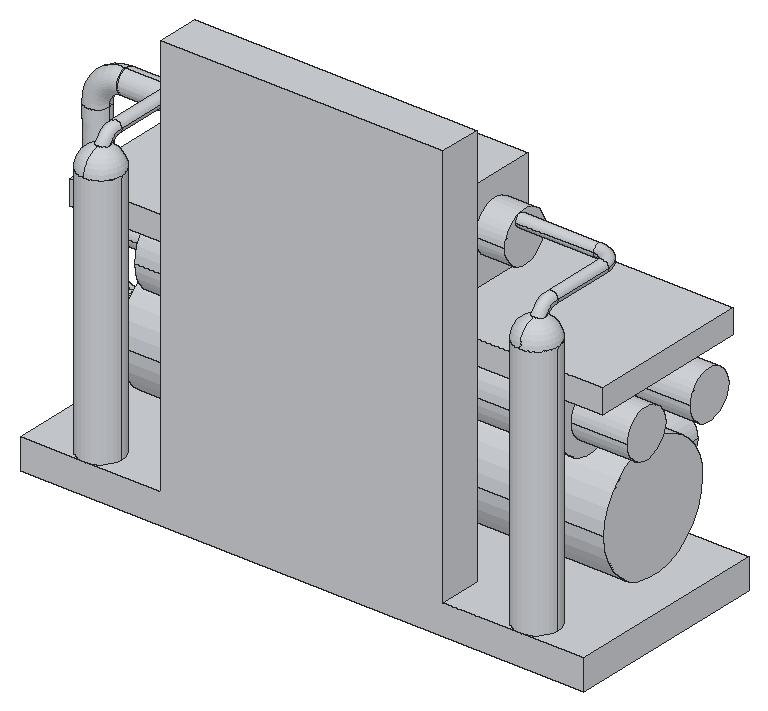
Revit family "M_Resfriador de líquido giratório - Resfriado a água - Sem condensador - 246-440 kW", category Equipamento mecânico, Revit 2019
Family settings
  Cota do conector redondo = Usar raio
  Tipo de parte = Normal
  Número OmniClass = 23.75.10.24.21.21.21
  Título OmniClass = Rotary-Screw Water Chillers
  ID de item do Seek = Rotary Liquid Chiller - Water Cooled - Condenserless - 246-440 kW-0000-CAN-ENU
  Com base no plano de trabalho = Não
  Sempre na vertical = Sim
  Corte com vazios quando carregada = Não
  Compartilhado = Não
  Ponto de cálculo do ambiente = Não
Parameters (values of type "246 kW")
  Voltagem = 480 V
  Visibilidade 1 = no
  Número de pólos = 3
  Classificação de carga = Refrigeração
  Raio do retorno de água resfriada = Diâmetro do retorno de água resfriada / 2  # 100 mm
  Diâmetro do retorno de água resfriada = 200 mm
  Capacidade de refrigeração [instance] = 246179.7 W
  Raio do fornecimento de água resfriada = 100 mm
  Raio do retorno de água resfriada = Diâmetro do retorno de água resfriada / 2  # 100 mm
  Diâmetro do retorno de água resfriada = 200 mm
  Queda de pressão da água resfriada [instance] = 4978.01 Pa
  Diâmetro do fornecimento de água resfriada = Raio do fornecimento de água resfriada * 2  # 200 mm
  Fluxo da água resfriada [instance] = 10.6 L/s
  Raio do fornecimento de água resfriada = 100 mm
  Queda de pressão da água da refrigeração [instance] = 6219.07 Pa
  Diâmetro do fornecimento de água resfriada = Raio do fornecimento de água resfriada * 2  # 200 mm
  Fluxo da água da refrigeração [instance] = 21.26 L/s
  Material do resfriador = none
  Comprimento do resfriador = 2032 mm
  Carga aparente = 80500 VA
Types (7, lengths in mm): name | Visibilidade 1 | Capacidade de refrigeração | Raio do fornecimento de água resfriada | Raio do retorno de água resfriada | Diâmetro do retorno de água resfriada | Queda de pressão da água resfriada | Diâmetro do fornecimento de água resfriada | Fluxo da água resfriada | Fluxo da água da refrigeração | Comprimento do resfriador | Carga aparente
  (no name) | no | 246179.7 W | 100 | 100 | 200 | 4978.01 Pa | 200 | 10.6 L/s | 21.26 L/s | 2032 | 80500 VA
  246 kW | no | 246179.7 W | 100 | 100 | 200 | 4978.01 Pa | 200 | 10.6 L/s | 21.26 L/s | 2032 | 80500 VA
  387 kW | yes | 386853.8 W | 150 | 150 | 300 | 3730.06 Pa | 300 | 16.66 L/s | 33.44 L/s | 2794 | 154100 VA
  281 kW | no | 281348.2 W | 100 | 100 | 200 | 4233.38 Pa | 200 | 12.11 L/s | 24.23 L/s | 2032 | 80500 VA
  316 kW | no | 316516.8 W | 100 | 100 | 200 | 4729.8 Pa | 200 | 13.63 L/s | 27.25 L/s | 2032 | 80500 VA
  352 kW | no | 351685.3 W | 100 | 100 | 200 | 4233.38 Pa | 200 | 15.14 L/s | 30.28 L/s | 2032 | 80500 VA
  440 kW | yes | 439606.6 W | 150 | 150 | 300 | 4481.59 Pa | 300 | 18.93 L/s | 37.85 L/s | 2794 | 154100 VA
Reference planes
  plane 1 "Centro (Frente/Trás)": y = 0
  plane 2: z = 0
  plane 3 "Centro (Esquerda/Direita)": x = 0
  plane 4: y = 863.6
  plane 5: x = -2362.2
  plane 6: x = -1181.1
  plane 7: z = 127
  plane 8: y = 571.5
  plane 9: z = 384.175
  plane 10: x = -2197.1
  plane 11: x = -165.1
  plane 12: y = 396.875
  plane 13: y = 727.075
  plane 14: z = 777.875
  plane 15: x = -292.1
  plane 16: x = -2070.1
  plane 17: z = 939.8
  plane 18: z = 1041.4
  plane 19: y = 177.8
  plane 20: x = -63.5
  plane 21: x = -2298.7
  plane 22: x = -590.55
  plane 23: x = -1771.65
  plane 24: z = 1822.45
  plane 25: x = -53.975
  plane 26: y = 533.4
  plane 27: z = 1431.925
  plane 28: y = 358.775
  plane 29: y = 708.025
  plane 30: x = -800.1
  plane 31: x = -1562.1
  plane 32: z = 1238.25
  plane 33: x = -673.1
  plane 34: x = -1689.1
  plane 35: z = 479.425
  plane 36: x = -330.2
  plane 37: x = -2032
  plane 38: y = 885.825
  plane 39: x = -2095.5
  plane 40: x = -266.7
  plane 41: y = 88.9
  plane 42: z = 1193.8
  plane 43: z = 1282.7
  plane 44: y = 228.6
  plane 45: y = 444.5
  plane 46: y = 355.6
  plane 47: x = 57.15
  plane 48: x = -69.85
  plane 49: y = 434.975
  plane 50: x = -2362.2
  plane 51: y = 331.787
  plane 52: x = -2259.012
  plane 53: x = -2336.8
  plane 54: x = -2209.8
  plane 55: y = 600.075
  plane 56: y = 523.875
  plane 57: through (0, 571.5, 384.175) normal (0, 0.999, 0.0446)
  plane 58: x = -2470.15
  plane 59: x = -2343.15
  plane 60: z = 1111.25
  plane 61: z = 511.175
  plane 62: z = 1314.45
  plane 63: y = 165.1
  plane 64: z = 1238.25
  plane 65: y = 514.35
  plane 66: x = -2019.3
  plane 67: y = 438.15
  plane 68: y = 508
  plane 69: x = -342.9
  plane 70: y = 431.8
  plane 71: z = 279.4
  plane 72: x = -2520.95
  plane 73: x = 107.95
Forms (mm)
  Extrusion 1, solid, material <- "Material do resfriador"
    sketch origin (0, 0, 0) x (1, 0, 0) y (0, 1, 0)
      loop
        line (-2362.2, 863.6) -> (-2362.2, 0) -> (0, 0) -> (0, 863.6) -> (-2362.2, 863.6)
    from 0 to 127
  Extrusion 2, solid, material <- "Material do resfriador"
    sketch origin (0, 0, 0) x (0, 1, 0) y (0, 0, 1)
      loop
        circle (571.5, 384.175) r 257.175
    from -2197.1 to -165.1
  Extrusion 3, solid, material <- "Material do resfriador"
    sketch origin (0, 0, 0) x (0, 1, 0) y (0, 0, 1)
      loop
        circle (396.875, 777.875) r 161.925
      loop
        circle (727.075, 777.875) r 161.925
    from -2070.1 to -292.1
  Extrusion 4, solid, material <- "Material do resfriador"
    sketch origin (0, 0, 0) x (0, 1, 0) y (0, 0, 1)
      loop
        line (177.8, 1041.4) -> (177.8, 939.8) -> (863.6, 939.8) -> (863.6, 1041.4) -> (177.8, 1041.4)
    from -63.5 to -2298.7
  Extrusion 5, solid, material <- "Material do resfriador"
    sketch origin (0, 0, 0) x (0, 1, 0) y (0, 0, 1)
      loop
        line (0, 1822.45) -> (0, 127) -> (177.8, 127) -> (177.8, 1822.45) -> (0, 1822.45)
    from -1771.65 to -590.55
  Extrusion 6, solid, material <- "Material do resfriador"
    sketch origin (0, 0, 0) x (0, 1, 0) y (0, 0, 1)
      loop
        circle (396.875, 777.875) r 100
      loop
        circle (727.075, 777.875) r 100
    from -292.1 to -53.975
  Extrusion 7, solid, material <- "Material do resfriador"
    sketch origin (0, 0, 0) x (0, 1, 0) y (0, 0, 1)
      loop
        line (358.775, 1431.925) -> (358.775, 1041.4) -> (708.025, 1041.4) -> (708.025, 1431.925) -> (358.775, 1431.925)
    from -1562.1 to -800.1
  Extrusion 8, solid, material <- "Material do resfriador"
    sketch origin (0, 0, 0) x (0, 1, 0) y (0, 0, 1)
      loop
        circle (533.4, 1238.25) r 104.775
    from -800.1 to -673.1
  Extrusion 9, solid, material <- "Material do resfriador"
    sketch origin (0, 0, 0) x (0, 1, 0) y (0, 0, 1)
      loop
        circle (533.4, 1238.25) r 104.775
    from -1689.1 to -1562.1
  Extrusion 10, solid, material <- "Material do resfriador"
    sketch origin (0, 0, 0) x (1, 0, 0) y (0, 0, 1)
      loop
        circle (-330.2, 479.425) r 100
      loop
        circle (-2032, 479.425) r 100
    from -571.5 to -885.825
  Extrusion 11, solid, material <- "Material do resfriador"
    sketch origin (0, 0, 0) x (1, 0, 0) y (0, 1, 0)
      loop
        circle (-2095.5, 88.9) r 88.9
      loop
        circle (-266.7, 88.9) r 88.9
    from 127 to 1193.8
  Revolve 12, solid, material <- "Material do resfriador"
    sketch origin (-266.7, 235.353, 1219.2) x (0, 1, 0) y (0, 0, 1)
      loop
        line (-146.453, -25.4) -> (-57.553, -25.4)
        arc (-57.553, -25.4) -> (-83.591, 37.462) -> (-146.453, 63.5) r 88.9
        line (-146.453, 63.5) -> (-146.453, -25.4)
      axis (-146.453, 63.5) -> (-146.453, -25.4)
    angle from 0 to 360
  Revolve 13, solid, material <- "Material do resfriador"
    sketch origin (-2095.5, 235.353, 1219.2) x (0, 1, 0) y (0, 0, 1)
      loop
        line (-146.453, 63.5) -> (-146.453, -25.4) -> (-57.553, -25.4)
        arc (-57.553, -25.4) -> (-83.591, 37.462) -> (-146.453, 63.5) r 88.9
      axis (-146.453, 63.5) -> (-146.453, -25.4)
    angle from 0 to 360
  Sweep 14, solid, material <- "Material do resfriador", visible <- "Visibilidade 1"
    path in 3D
      loop
        line (-165.1, 571.5, 384.175) -> (-69.85, 571.5, 384.175)
        arc (-69.85, 571.5, 384.175) -> (19.953, 534.303, 384.175) -> (57.15, 444.5, 384.175) r 127
        line (57.15, 444.5, 384.175) -> (57.15, 355.6, 384.175)
        arc (57.15, 355.6, 384.175) -> (19.953, 265.797, 384.175) -> (-69.85, 228.6, 384.175) r 127
        line (-69.85, 228.6, 384.175) -> (-2259.013, 228.6, 384.175)
        arc (-2259.013, 228.6, 384.175) -> (-2362.2, 331.787, 384.175) -> (-2259.013, 434.975, 384.175) r 103.187
        line (-2259.013, 434.975, 384.175) -> (-2197.1, 434.975, 384.175)
    profile origin (-117.475, 571.5, 384.175) x (0, 1, 0) y (0, 0, 1)
      loop
        circle (0, 0) r 50.8
  Sweep 15, solid, material <- "Material do resfriador"
    path in 3D
      loop
        line (-2070.1, 727.075, 777.875) -> (-2209.8, 727.075, 777.875)
        arc (-2209.8, 727.075, 777.875) -> (-2299.603, 689.878, 777.875) -> (-2336.8, 600.075, 777.875) r 127
        line (-2336.8, 600.075, 777.875) -> (-2336.8, 523.875, 777.875)
        arc (-2336.8, 523.875, 777.875) -> (-2299.603, 434.072, 777.875) -> (-2209.8, 396.875, 777.875) r 127
        line (-2209.8, 396.875, 777.875) -> (-2070.1, 396.875, 777.875)
    profile origin (-2139.95, 396.875, 777.875) x (0, 1, 0) y (0, 0, 1)
      loop
        circle (0, 0) r 50.8
  Sweep 16, solid, material <- "Material do resfriador"
    path in 3D
      loop
        line (-2197.1, 571.49, 384.402) -> (-2343.15, 571.49, 384.402)
        arc (-2343.15, 571.49, 384.402) -> (-2432.882, 569.833, 421.533) -> (-2470.05, 565.835, 511.175) r 126.9
    profile origin (-2270.125, 571.49, 384.402) x (0, -0.044565, 0.999006) y (0, 0.999006, 0.044565)
      loop
        circle (-0.227, 0) r 50.8
  Sweep 17, solid, material <- "Material do resfriador"
    path in 3D
      loop
        line (-1689.1, 533.375, 1238.811) -> (-2343.15, 533.375, 1238.811)
    profile origin (-2016.125, 533.375, 1238.811) x (0, -0.044565, 0.999006) y (0, 0.999006, 0.044565)
      loop
        circle (-0.562, 0) r 50.8
  Sweep 18, solid, material <- "Material do resfriador"
    path in 3D
      loop
        line (-1689.1, 514.35, 1314.45) -> (-2019.3, 514.35, 1314.45)
        arc (-2019.3, 514.35, 1314.45) -> (-2073.182, 492.032, 1314.45) -> (-2095.5, 438.15, 1314.45) r 76.2
        line (-2095.5, 438.15, 1314.45) -> (-2095.5, 165.1, 1314.45)
        arc (-2095.5, 165.1, 1314.45) -> (-2095.5, 111.218, 1292.132) -> (-2095.5, 88.9, 1238.25) r 76.2
    profile origin (-1854.2, 514.35, 1314.45) x (0, -1, 0) y (0, 0, 1)
      loop
        circle (0, 0) r 25.4
  Sweep 19, solid, material <- "Material do resfriador"
    path in 3D
      loop
        line (-673.1, 508, 1314.45) -> (-342.9, 508, 1314.45)
        arc (-342.9, 508, 1314.45) -> (-289.018, 485.682, 1314.45) -> (-266.7, 431.8, 1314.45) r 76.2
        line (-266.7, 431.8, 1314.45) -> (-266.7, 165.1, 1314.45)
        arc (-266.7, 165.1, 1314.45) -> (-266.7, 111.218, 1292.132) -> (-266.7, 88.9, 1238.25) r 76.2
    profile origin (-508, 508, 1314.45) x (0, 1, 0) y (0, 0, 1)
      loop
        circle (0, 0) r 25.4
  Extrusion 20, solid, material <- "Material do resfriador"
    sketch origin (0, 0, 0) x (1, 0, 0) y (0, 0, 1)
      loop
        circle (-1181.1, 279.4) r 31.75
    from 0 to -177.8
  Sweep 21, solid, material <- "Material do resfriador"
    path in 3D
      loop
        line (-2470.15, 565.826, 511.36) -> (-2470.15, 539.065, 1111.25)
        arc (-2470.15, 539.065, 1111.25) -> (-2432.953, 535.063, 1200.964) -> (-2343.15, 533.406, 1238.124) r 127
    profile origin (-2470.15, 552.446, 811.305) x (1, 0, 0) y (0, 0.999006, 0.044565)
      loop
        circle (0, 0) r 50.8
Cuts and joins
  joined: Extrusion 1, Extrusion 2, Extrusion 3, Extrusion 4, Extrusion 5, Extrusion 6, Extrusion 7, Extrusion 8, Extrusion 9, Extrusion 10, Extrusion 11, Revolve 12, Revolve 13, Sweep 15, Sweep 16, Sweep 17, Sweep 18, Sweep 19, Extrusion 20
Lines and regions (mm)
  reference lines
    curve 1: line (57.15, 355.6, 384.175) -> (57.15, 444.5, 384.175)
    curve 2: arc (57.15, 444.5, 384.175) -> (19.953, 534.303, 384.175) -> (-69.85, 571.5, 384.175) r 127
    curve 3: arc (57.15, 355.6, 384.175) -> (19.953, 265.797, 384.175) -> (-69.85, 228.6, 384.175) r 127
    curve 4: arc (-2259.013, 434.975, 384.175) -> (-2362.2, 331.787, 384.175) -> (-2259.013, 228.6, 384.175) r 103.187
    curve 5: line (-2259.013, 434.975, 384.175) -> (-2197.1, 434.975, 384.175)
    curve 6: line (-2259.013, 228.6, 384.175) -> (-69.85, 228.6, 384.175)
    curve 7: line (-165.1, 571.5, 384.175) -> (-69.85, 571.5, 384.175)
    curve 15: line (-2070.1, 727.075, 777.875) -> (-2209.8, 727.075, 777.875)
    curve 16: arc (-2209.8, 727.075, 777.875) -> (-2299.603, 689.878, 777.875) -> (-2336.8, 600.075, 777.875) r 127
    curve 17: arc (-2209.8, 396.875, 777.875) -> (-2299.603, 434.072, 777.875) -> (-2336.8, 523.875, 777.875) r 127
    curve 18: line (-2336.8, 600.075, 777.875) -> (-2336.8, 523.875, 777.875)
    curve 19: line (-2209.8, 396.875, 777.875) -> (-2070.1, 396.875, 777.875)
    curve 25: line (-2470.15, 565.826, 511.36) -> (-2470.15, 539.065, 1111.25)
    curve 26: line (-1689.1, 533.375, 1238.811) -> (-2343.15, 533.375, 1238.811)
    curve 27: arc (-2470.15, 539.065, 1111.25) -> (-2432.953, 535.063, 1200.964) -> (-2343.15, 533.406, 1238.124) r 127
    curve 28: line (-2197.1, 571.49, 384.402) -> (-2343.15, 571.49, 384.402)
    curve 29: arc (-2343.15, 571.49, 384.402) -> (-2432.882, 569.833, 421.533) -> (-2470.05, 565.835, 511.175) r 126.9
    curve 33: line (-1689.1, 514.35, 1314.45) -> (-2019.3, 514.35, 1314.45)
    curve 34: arc (-2019.3, 514.35, 1314.45) -> (-2073.182, 492.032, 1314.45) -> (-2095.5, 438.15, 1314.45) r 76.2
    curve 35: line (-2095.5, 438.15, 1314.45) -> (-2095.5, 165.1, 1314.45)
    curve 36: arc (-2095.5, 165.1, 1314.45) -> (-2095.5, 111.218, 1292.132) -> (-2095.5, 88.9, 1238.25) r 76.2
    curve 41: line (-673.1, 508, 1314.45) -> (-342.9, 508, 1314.45)
    curve 42: arc (-342.9, 508, 1314.45) -> (-289.018, 485.682, 1314.45) -> (-266.7, 431.8, 1314.45) r 76.2
    curve 43: line (-266.7, 431.8, 1314.45) -> (-266.7, 165.1, 1314.45)
    curve 44: arc (-266.7, 88.9, 1238.25) -> (-266.7, 111.218, 1292.132) -> (-266.7, 165.1, 1314.45) r 76.2
  sketch lines
    curve 8: line (-165.1, 571.5, 384.175) -> (-69.85, 571.5, 384.175)
    curve 9: arc (57.15, 444.5, 384.175) -> (19.953, 534.303, 384.175) -> (-69.85, 571.5, 384.175) r 127
    curve 10: line (57.15, 355.6, 384.175) -> (57.15, 444.5, 384.175)
    curve 11: arc (57.15, 355.6, 384.175) -> (19.953, 265.797, 384.175) -> (-69.85, 228.6, 384.175) r 127
    curve 12: line (-2259.013, 228.6, 384.175) -> (-69.85, 228.6, 384.175)
    curve 13: arc (-2259.013, 434.975, 384.175) -> (-2362.2, 331.787, 384.175) -> (-2259.013, 228.6, 384.175) r 103.187
    curve 14: line (-2259.013, 434.975, 384.175) -> (-2197.1, 434.975, 384.175)
    curve 20: line (-2209.8, 396.875, 777.875) -> (-2070.1, 396.875, 777.875)
    curve 21: arc (-2209.8, 396.875, 777.875) -> (-2299.603, 434.072, 777.875) -> (-2336.8, 523.875, 777.875) r 127
    curve 22: line (-2336.8, 600.075, 777.875) -> (-2336.8, 523.875, 777.875)
    curve 23: arc (-2209.8, 727.075, 777.875) -> (-2299.603, 689.878, 777.875) -> (-2336.8, 600.075, 777.875) r 127
    curve 24: line (-2070.1, 727.075, 777.875) -> (-2209.8, 727.075, 777.875)
    curve 30: line (-2197.1, 571.49, 384.402) -> (-2343.15, 571.49, 384.402)
    curve 31: arc (-2343.15, 571.49, 384.402) -> (-2432.882, 569.833, 421.533) -> (-2470.05, 565.835, 511.175) r 126.9
    curve 32: line (-1689.1, 533.375, 1238.811) -> (-2343.15, 533.375, 1238.811)
    curve 37: line (-1689.1, 514.35, 1314.45) -> (-2019.3, 514.35, 1314.45)
    curve 38: arc (-2019.3, 514.35, 1314.45) -> (-2073.182, 492.032, 1314.45) -> (-2095.5, 438.15, 1314.45) r 76.2
    curve 39: line (-2095.5, 438.15, 1314.45) -> (-2095.5, 165.1, 1314.45)
    curve 40: arc (-2095.5, 165.1, 1314.45) -> (-2095.5, 111.218, 1292.132) -> (-2095.5, 88.9, 1238.25) r 76.2
    curve 45: line (-673.1, 508, 1314.45) -> (-342.9, 508, 1314.45)
    curve 46: arc (-342.9, 508, 1314.45) -> (-289.018, 485.682, 1314.45) -> (-266.7, 431.8, 1314.45) r 76.2
    curve 47: line (-266.7, 431.8, 1314.45) -> (-266.7, 165.1, 1314.45)
    curve 48: arc (-266.7, 88.9, 1238.25) -> (-266.7, 111.218, 1292.132) -> (-266.7, 165.1, 1314.45) r 76.2
    curve 49: line (-2470.15, 565.826, 511.36) -> (-2470.15, 539.065, 1111.25)
    curve 50: arc (-2470.15, 539.065, 1111.25) -> (-2432.953, 535.063, 1200.964) -> (-2343.15, 533.406, 1238.124) r 127
Dimensions and locks
  locked: plane 6 to plane 3 "Centro (Esquerda/Direita)" at 1181.1
  locked: plane 5 to plane 6 at 1181.1
  locked: plane 1 "Centro (Frente/Trás)" to plane 4 at 863.6
  locked: plane 7 to plane 2 at 127
  locked: plane 1 "Centro (Frente/Trás)" to plane 8 at 571.5
  locked: plane 9 to plane 2 at 384.175
  "Comprimento do resfriador": plane 11 to plane 10
  equal spacing: plane 11, plane 6, plane 10
  locked: plane 1 "Centro (Frente/Trás)" to plane 12 at 396.875
  locked: plane 12 to plane 13 at 330.2
  locked: plane 14 to plane 2 at 777.875
  locked: plane 6 to plane 15 at 889
  locked: plane 6 to plane 16 at 889
  locked: plane 17 to plane 2 at 939.8
  locked: plane 18 to plane 17 at 101.6
  locked: plane 1 "Centro (Frente/Trás)" to plane 19 at 177.8
  locked: plane 6 to plane 20 at 1117.6
  locked: plane 6 to plane 21 at 1117.6
  locked: plane 6 to plane 22 at 590.55
  locked: plane 6 to plane 23 at 590.55
  locked: plane 24 to plane 2 at 1822.45
  locked: plane 15 to plane 25 at 238.125
  locked: plane 1 "Centro (Frente/Trás)" to plane 26 at 533.4
  locked: plane 27 to plane 18 at 390.525
  locked: plane 28 to plane 29 at 349.25
  equal spacing: plane 28, plane 26, plane 29
  locked: plane 6 to plane 30 at 381
  locked: plane 6 to plane 31 at 381
  locked: plane 32 to plane 2 at 1238.25
  locked: plane 30 to plane 33 at 127
  locked: plane 34 to plane 31 at 127
  locked: plane 2 to plane 35 at 479.425
  locked: plane 36 to plane 11 at 165.1
  locked: plane 10 to plane 37 at 165.1
  locked: plane 8 to plane 38 at 314.325
  locked: plane 39 to plane 6 at 914.4
  locked: plane 6 to plane 40 at 914.4
  locked: plane 1 "Centro (Frente/Trás)" to plane 41 at 88.9
  locked: plane 42 to plane 2 at 1193.8
  locked: plane 43 to plane 42 at 88.9
  locked: plane 1 "Centro (Frente/Trás)" to plane 44 at 228.6
  locked: plane 45 to plane 8 at 127
  locked: plane 44 to plane 46 at 127
  locked: plane 48 to plane 47 at 127
  locked: plane 49 to plane 44 at 206.375
  locked: plane 50 to plane 10 at 165.1
  equal spacing: plane 49, plane 51, plane 44
  locked: plane 50 to plane 52 at 103.188
  locked: plane 11 to plane 47 at 222.25
  locked: plane 53 to plane 16 at 266.7
  locked: plane 53 to plane 54 at 127
  locked: plane 13 to plane 55 at 127
  locked: plane 56 to plane 12 at 127
  locked: plane 10 to plane 58 at 273.05
  locked: plane 58 to plane 59 at 127
  locked: plane 60 to plane 32 at 127
  locked: plane 9 to plane 61 at 127
  locked: plane 62 to plane 2 at 1314.45
  locked: plane 63 to plane 41 at 76.2
  locked: plane 62 to plane 64 at 76.2
  locked: plane 65 to plane 41 at 425.45
  locked: plane 39 to plane 66 at 76.2
  locked: plane 65 to plane 67 at 76.2
  locked: plane 68 to plane 41 at 419.1
  locked: plane 69 to plane 40 at 76.2
  locked: plane 68 to plane 70 at 76.2
  locked: plane 7 to plane 71 at 152.4
  locked: plane 72 to plane 58 at 50.8
  locked: plane 47 to plane 73 at 50.8
  radius of Extrusion 2 sketch curve = 257.175 mm
  radius of Extrusion 3 sketch curve = 161.925 mm  (x2)
  "Raio do retorno de água resfriada": radius of Extrusion 6 sketch curve
  "Raio do fornecimento de água resfriada": radius of Extrusion 6 sketch curve
  radius of Extrusion 8 sketch curve = 104.775 mm
  radius of Extrusion 9 sketch curve = 104.775 mm
  "Raio do fornecimento de água resfriada": radius of Extrusion 10 sketch curve
  "Raio do retorno de água resfriada": radius of Extrusion 10 sketch curve
  radius of Extrusion 11 sketch curve = 88.9 mm  (x2)
  radius of Revolve 12 sketch curve = 88.9 mm
  radius of Revolve 13 sketch curve = 88.9 mm
  radius of curve 2 = 127 mm
  radius of curve 3 = 127 mm
  radius of Sweep 14 sketch curve = 50.8 mm
  radius of Sweep 15 sketch curve = 50.8 mm
  radius of Sweep 16 sketch curve = 50.8 mm
  radius of Sweep 17 sketch curve = 50.8 mm
  radius of curve 36 = 76.2 mm
  radius of curve 34 = 76.2 mm
  radius of Sweep 18 sketch curve = 25.4 mm
  radius of curve 42 = 76.2 mm
  radius of curve 44 = 76.2 mm
  radius of Sweep 19 sketch curve = 25.4 mm
  radius of Sweep 21 sketch curve = 50.8 mm
  angle curve 29 to curve 29 = 90.00°
  angle curve 27 to curve 27 = 90.00°
  angle curve 36 to curve 36 = 90.00°
  angle curve 44 to curve 44 = 90.00°
  aligned and locked: plane 5 to Extrusion 1 sketch curve
  aligned and locked: Extrusion 1 sketch curve to plane 4
  aligned and locked: plane 1 "Centro (Frente/Trás)" to Extrusion 1 sketch curve
  aligned and locked: Extrusion 1 sketch curve to plane 3 "Centro (Esquerda/Direita)"
  aligned and locked: Extrusion 1 to plane 2
  aligned and locked: plane 7 to Extrusion 1
  aligned and locked: plane 9 to Extrusion 2 sketch curve
  aligned and locked: plane 8 to Extrusion 2 sketch curve
  aligned and locked: Extrusion 2 to plane 10
  aligned and locked: plane 11 to Extrusion 2
  aligned and locked: plane 12 to Extrusion 3 sketch curve
  aligned and locked: plane 14 to Extrusion 3 sketch curve  (x2)
  aligned and locked: plane 13 to Extrusion 3 sketch curve
  aligned and locked: plane 16 to Extrusion 3
  aligned and locked: Extrusion 3 to plane 15
  aligned and locked: plane 19 to Extrusion 4 sketch curve
  aligned and locked: Extrusion 4 sketch curve to plane 18
  aligned and locked: plane 17 to Extrusion 4 sketch curve
  aligned and locked: Extrusion 4 sketch curve to plane 4
  aligned and locked: plane 20 to Extrusion 4
  aligned and locked: Extrusion 4 to plane 21
  aligned and locked: Extrusion 5 sketch curve to plane 24
  aligned and locked: Extrusion 5 sketch curve to plane 19
  aligned and locked: Extrusion 5 sketch curve to plane 1 "Centro (Frente/Trás)"
  aligned and locked: plane 7 to Extrusion 5 sketch curve
  aligned and locked: plane 23 to Extrusion 5
  aligned and locked: Extrusion 5 to plane 22
  aligned and locked: plane 14 to Extrusion 6 sketch curve  (x2)
  aligned and locked: plane 13 to Extrusion 6 sketch curve
  aligned and locked: plane 12 to Extrusion 6 sketch curve
  aligned and locked: plane 15 to Extrusion 6
  aligned and locked: Extrusion 6 to plane 25
  aligned and locked: Extrusion 7 sketch curve to plane 27
  aligned and locked: plane 28 to Extrusion 7 sketch curve
  aligned and locked: Extrusion 7 sketch curve to plane 29
  aligned and locked: plane 18 to Extrusion 7 sketch curve
  aligned and locked: plane 31 to Extrusion 7
  aligned and locked: Extrusion 7 to plane 30
  aligned and locked: plane 32 to Extrusion 8 sketch curve
  aligned and locked: plane 26 to Extrusion 8 sketch curve
  aligned and locked: plane 30 to Extrusion 8
  aligned and locked: Extrusion 8 to plane 33
  aligned and locked: plane 32 to Extrusion 9 sketch curve
  aligned and locked: plane 26 to Extrusion 9 sketch curve
  aligned and locked: plane 34 to Extrusion 9
  aligned and locked: Extrusion 9 to plane 31
  aligned and locked: plane 35 to Extrusion 10 sketch curve  (x2)
  aligned and locked: plane 36 to Extrusion 10 sketch curve
  aligned and locked: plane 37 to Extrusion 10 sketch curve
  aligned and locked: plane 38 to Extrusion 10
  aligned and locked: Extrusion 10 to plane 8
  aligned and locked: plane 41 to Extrusion 11 sketch curve  (x2)
  aligned and locked: plane 39 to Extrusion 11 sketch curve
  aligned and locked: plane 42 to Extrusion 11
  aligned and locked: Extrusion 11 to plane 7
  aligned and locked: plane 19 to Revolve 12 sketch curve
  aligned and locked: plane 41 to Revolve 12 sketch curve
  aligned and locked: Revolve 12 sketch curve to plane 42
  aligned and locked: Revolve 12 sketch curve to plane 41  (x2)
  aligned and locked: plane 42 to Revolve 12 sketch curve
  aligned and locked: plane 19 to Revolve 13 sketch curve
  aligned and locked: plane 41 to Revolve 13 sketch curve
  aligned and locked: Revolve 13 sketch curve to plane 42
  aligned and locked: Revolve 13 sketch curve to plane 41  (x2)
  aligned and locked: plane 42 to Revolve 13 sketch curve
  aligned and locked: plane 45 to curve 1
  aligned and locked: plane 46 to curve 1
  aligned and locked: plane 45 to curve 2
  aligned and locked: plane 48 to curve 2
  aligned and locked: plane 48 to curve 3
  aligned and locked: plane 51 to curve 4
  aligned and locked: plane 52 to curve 4
  aligned and locked: plane 48 to curve 6
  aligned and locked: curve 6 to plane 44
  aligned and locked: plane 48 to curve 7
  aligned and locked: plane 11 to curve 7
  aligned and locked: curve 7 to plane 8
  aligned and locked: plane 52 to curve 5
  aligned and locked: curve 6 to plane 52
  aligned and locked: plane 9 to Sweep 14 sketch curve
  aligned and locked: plane 8 to Sweep 14 sketch curve
  aligned and locked: plane 54 to curve 16
  aligned and locked: plane 55 to curve 16
  aligned and locked: plane 54 to curve 17
  aligned and locked: plane 56 to curve 17
  aligned and locked: plane 16 to curve 15
  aligned and locked: plane 54 to curve 15
  aligned and locked: plane 13 to curve 15
  aligned and locked: plane 16 to curve 19
  aligned and locked: plane 54 to curve 19
  aligned and locked: curve 19 to plane 12
  aligned and locked: plane 55 to curve 18
  aligned and locked: plane 56 to curve 18
  aligned and locked: curve 18 to plane 53
  aligned and locked: plane 14 to Sweep 15 sketch curve
  aligned and locked: plane 12 to Sweep 15 sketch curve
  aligned and locked: plane 58 to curve 25
  aligned and locked: plane 34 to curve 26
  aligned and locked: plane 59 to curve 26
  aligned and locked: plane 59 to curve 27
  aligned and locked: plane 10 to curve 28
  aligned and locked: plane 59 to curve 28
  aligned and locked: plane 59 to curve 29
  aligned and locked: plane 9 to Sweep 16 sketch curve
  aligned and locked: plane 8 to Sweep 16 sketch curve
  aligned and locked: plane 32 to Sweep 17 sketch curve
  aligned and locked: plane 26 to Sweep 17 sketch curve
  aligned and locked: plane 34 to curve 33
  aligned and locked: plane 66 to curve 33
  aligned and locked: plane 65 to curve 33
  aligned and locked: plane 67 to curve 34
  aligned and locked: plane 66 to curve 34
  aligned and locked: plane 64 to curve 36
  aligned and locked: plane 63 to curve 36
  aligned and locked: plane 62 to Sweep 18 sketch curve
  aligned and locked: plane 65 to Sweep 18 sketch curve
  aligned and locked: plane 33 to curve 41
  aligned and locked: plane 69 to curve 41
  aligned and locked: curve 41 to plane 68
  aligned and locked: plane 70 to curve 42
  aligned and locked: plane 63 to curve 43
  aligned and locked: plane 70 to curve 43
  aligned and locked: curve 43 to plane 40
  aligned and locked: plane 64 to curve 44
  aligned and locked: plane 63 to curve 44
  aligned and locked: plane 62 to Sweep 19 sketch curve
  aligned and locked: plane 68 to Sweep 19 sketch curve
  aligned and locked: plane 71 to Extrusion 20 sketch curve
  aligned and locked: plane 6 to Extrusion 20 sketch curve
  aligned and locked: Extrusion 20 to plane 1 "Centro (Frente/Trás)"
  aligned and locked: plane 19 to Extrusion 20
  aligned and locked: plane 58 to Sweep 21 sketch curve
Automatic sketch dimensions
  Extrusion 11 sketch curve to plane 40 = 0 mm
  plane 27 to Revolve 12 sketch curve = 11.227 mm
  Revolve 12 sketch curve to Revolve 12 sketch curve = 63.5 mm
  Revolve 13 sketch curve to plane 27 = 72.765 mm
  Revolve 13 sketch curve to plane 27 = 28.315 mm
  curve 5 to plane 10 = 0 mm
  curve 26 to plane 59 = 0 mm
  curve 26 to plane 34 = 0 mm
  curve 27 to plane 59 = 0 mm
  curve 28 to plane 10 = 0 mm
  curve 28 to plane 59 = 0 mm
  curve 26 to curve 27 = 0.688 mm
  curve 27 to curve 25 = 600.487 mm
  curve 25 to curve 29 = 0.185 mm
  curve 29 to curve 29 = 126.9 mm
  curve 27 to plane 58 = 0 mm
  curve 35 to plane 63 = 0 mm
  Sweep 21 sketch curve to profile plane = 0 mm
  radius of Extrusion 20 sketch curve = 31.75 mm
Connectors
  piping at (-330.2, 885.825, 479.425), diameter 200, driven by "Fluxo da água resfriada", driven by "Raio do retorno de água resfriada"
    settings: on cut or joined group 1 (Extrusion 1, Extrusion 2, Extrusion 3, Extrusion 4, Extrusion 5, Extrusion 6, Extrusion 7, Extrusion 8, Extrusion 9, Extrusion 10, Extrusion 11, Revolve 12, Revolve 13, Sweep 15, Sweep 16, Sweep 17, Sweep 18, Sweep 19, Extrusion 20), index 1, connector inside diameter 200 mm, connector length 0 mm, flow factor 0, pipe flow 10.6 L/s, pressure drop 56743.9 Pa, fitting loss kfactor 0, connector angle 0.00°, fixture units 0, engagement length 0 mm, angle of deflection 0.00°, flow configuration 0, flow direction 1, fitting loss method 4, system type 8, joint type 0, gender type 0, connector reference index 2, connector utility 0, adjustable connector no, is connector primary yes, connector description "Entrada de água resfriada"
  piping at (-2032, 885.825, 479.425), diameter 200, driven by "Fluxo da água resfriada", driven by "Raio do fornecimento de água resfriada", driven by "Queda de pressão da água resfriada"
    settings: on cut or joined group 1, index 2, connector inside diameter 200 mm, connector length 0 mm, flow factor 0, pipe flow 10.6 L/s, pressure drop 4978.01 Pa, fitting loss kfactor 0, connector angle 0.00°, fixture units 0, engagement length 0 mm, angle of deflection 0.00°, flow configuration 0, flow direction 2, fitting loss method 4, system type 7, joint type 0, gender type 0, connector reference index 1, connector utility 0, adjustable connector no, is connector primary no, connector description "Saída de água resfriada"
  piping at (-53.975, 396.875, 777.875), diameter 200, driven by "Fluxo da água da refrigeração", driven by "Raio do fornecimento de água resfriada"
    settings: on cut or joined group 1, index 3, connector inside diameter 200 mm, connector length 0 mm, flow factor 0, pipe flow 21.26 L/s, pressure drop 41161.7 Pa, fitting loss kfactor 0, connector angle 0.00°, fixture units 0, engagement length 0 mm, angle of deflection 0.00°, flow configuration 1, flow direction 1, fitting loss method 4, system type 7, joint type 0, gender type 0, connector reference index 4, connector utility 0, adjustable connector no, is connector primary no, connector description "Entrada da água da refrigeração"
  piping at (-53.975, 727.075, 777.875), diameter 200, driven by "Fluxo da água da refrigeração", driven by "Raio do retorno de água resfriada", driven by "Queda de pressão da água da refrigeração"
    settings: on cut or joined group 1, index 4, connector inside diameter 200 mm, connector length 0 mm, flow factor 0, pipe flow 21.26 L/s, pressure drop 6219.07 Pa, fitting loss kfactor 0, connector angle 0.00°, fixture units 0, engagement length 0 mm, angle of deflection 0.00°, flow configuration 1, flow direction 2, fitting loss method 4, system type 8, joint type 0, gender type 0, connector reference index 3, connector utility 0, adjustable connector no, is connector primary no, connector description "Saída da água da refrigeração"
  electrical at (-1181.1, 177.8, 279.4), driven by "Carga aparente", driven by "Voltagem", driven by "Número de pólos", driven by "Classificação de carga"
    settings: on Extrusion 20, index 5, voltage 480 V, apparent load 80500 VA, apparent load phase1 0 VA, apparent load phase2 0 VA, apparent load phase3 0 VA, power factor 0.8, load classification "Refrigeração", number of poles 3, system type 30, power factor state 1, is connector primary yes, connector utility no, sub classification motor no, connector description ""
